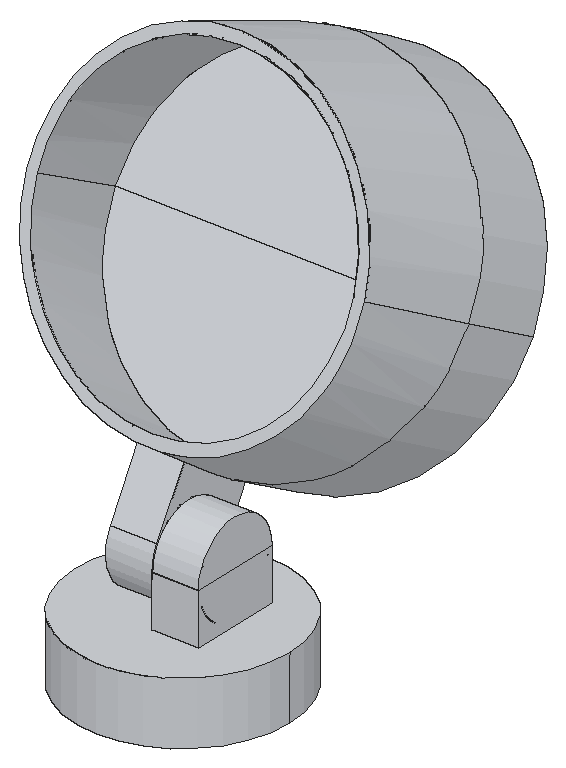
Revit family "Holly Flood Light_86W_3000K", category Lighting Fixtures, Revit 2022
Family settings
  Round Connector Dimension = Use Diameter
  Part Type = Normal
  Work Plane-Based = No
  Always vertical = Yes
  Cut with Voids When Loaded = No
  Light Source = No
  Maintain Annotation Orientation = No
  Shared = No
  Room Calculation Point = No
Parameters (values of type "Holly Flood _86w_3000K_15°")
  Width = 0' - 6 77/256"
  Wattage Comments = "86W"
  URL = "https://www.abovealllighting.com/product/LED-OUTDOOR-FIXTURES/LED-Flood-Light/HOLLYLEDFloodLight-Junctionbox.html"
  Tilt Angle [instance] = 30.00°
  Power Factor = "0.9"
  Model = "HOFL_C86301_15"
  Manufacturer = "Above All Lighting"
  Load Classification = Lighting
  Light Source = 86W-Tiltable : Holly Flood_86W_3000K_15°
  Lamp = "LED"
  Input Voltage = "120-277V"
  IP Rating = 65  # constant formula
  Height = 1' - 0 223/256"
  Delivered Lumen = "7300 lx"
  Default Elevation = 0' - 0"
  CRI = 80  # constant formula
  CCT = "3000K"
  Beam Angle = 15.00°
  Assembly Code = "HOLLY Flood Light - Canopy Cover"
Types (6): name | Model | Light Source | Delivered Lumen | Beam Angle
  (no name) | "HOFL_C86301_15" | 86W-Tiltable : Holly Flood_86W_3000K_15° | "7300 lx" | 15.00°
  Holly Flood _86w_3000K_5° | "HOFL_C86301_5" | 86W-Tiltable : Holly Flood_86W_3000K_5° | "4380 lx" | 5.00°
  Holly Flood _86w_3000K_15° | "HOFL_C86301_15" | 86W-Tiltable : Holly Flood_86W_3000K_15° | "7300 lx" | 15.00°
  Holly Flood _86w_3000K_24° | "HOFL_C86301_24" | 86W-Tiltable : Holly Flood_86W_3000K_24° | "7300 lx" | 24.00°
  Holly Flood _86w_3000K_36° | "HOFL_C86301_36" | 86W-Tiltable : Holly Flood_86W_3000K_36° | "7300 lx" | 36.00°
  Holly Flood _86w_3000K_50° | "HOFL_C86301_50" | 86W-Tiltable : Holly Flood_86W_3000K_50° | "7300 lx" | 50.00°
Reference planes (in)
  plane 1 "Center (Front/Back)": y = 0
  plane 2: z = 0
  plane 3 "Center (Left/Right)": x = 0
  plane 4: z = 1.5
  plane 5: z = 2.71875
  plane 6: y = 1.08888
  plane 7: y = -1.08888
  plane 8: x = 1.10583
Lines and regions (in)
  reference lines
    curve 1: line (0, 0, 2.71875) -> (0, 7, 14.84311)
    curve 2: line (0, 0, 2.71875) -> (0, 0, -5.79419)
    curve 3: line (0, 0, 2.71875) -> (0, -22.94967, 15.96875)
    curve 4: line (-1.10547, 1.81883, 0) -> (-1.10547, -5.18117, 0)
Dimensions and locks (in)
  locked: plane 6 to curve 2 at 1.08888
  locked: curve 3 to curve 1 (angle 90.00°)
  "Tilt Angle": angle plane 1 "Center (Front/Back)" to curve 1
  aligned and locked: plane 2 to level
  aligned and locked: plane 4 to nested 1
  aligned and locked: plane 5 to nested 1
  aligned and locked: nested 1 to plane 5
  aligned and locked: plane 6 to nested 1
  aligned and locked: nested 1 to plane 7
  aligned and locked: plane 8 to nested 1
  aligned and locked: nested 1 to plane 3 "Center (Left/Right)"
  aligned and locked: nested 2 to curve 3
Automatic sketch dimensions
  curve 4 to plane 3 "Center (Left/Right)" = 0' - 1 27/256"
  curve 4 to plane 7 = 0' - 4.09228"
  plane 6 to curve 4 = 0' - 0.72995"
  curve 2 to plane 5 = 0' - 0"
  curve 2 to level = 0' - 5.79419"
Nested families (in)
  nested 1: "5.11inch Base" at (0, -2.48643, -48.145) x (-1, 0, 0) z (0, 0, 1), type "5.11inch Base"
  nested 2: "86W-Tiltable" at (0, 0, 2.71875) x (0, 0.5, 0.866) z (-1, 0, 0), type <- "Light Source", type "Holly Flood_86W_3000K_15°"
    with built-in parameter 1001306 1.3542 (stored number, unit not read)
Definition of nested family "5.11inch Base"
  Parameters (values of type "5.11inch Base")
    Wattage Comments = "26W"
    URL = "https://www.abovealllighting.com/product/LED-OUTDOOR-FIXTURES/LED-Flood-Light/HOLLYLEDFloodLight-Junctionbox.html"
    Power Factor = "0.9"
    Model = "HOFL_C26301_5"
    Manufacturer = "Above All Lighting"
    Load Classification = none
    Lamp = "LED"
    Input Voltage = "120-277V"
    IP Rating = 65
    Height = 0' - 8.41"
    Dia = 0' - 5.11"
    Description = "HOLLY Flood Light - Canopy Cover"
    Depth = 0' - 4.53196"
    Default Elevation = 0' - 0"
    CRI = "80"
    Beam Angle = 5.00°
  Reference planes (in)
    plane 1 "Light Source Axis (F/B)": y = 0
    plane 2: z = 0
    plane 3 "Light Source Axis (L/R)": x = 0
    plane 4 "Light Source Elevation": z = 54
    plane 5: y = -2.48643
  Forms (in)
    Extrusion 1, solid, not visible
      sketch origin (0, -1.27112, 47.22122) x (1, 0, 0) y (0, 1, 0)
        loop
          circle (0, 0) r 1.77
      from 0 to 1.77878
    Extrusion 2, solid, not visible
      sketch origin (0, 0, 0) x (0, 1, 0) y (0, 0, 1)
        loop
          circle (-1.08888, 50.14601) r 1.08888
      from 0 to 1.10583
    Extrusion 3, solid, not visible
      sketch origin (0, 0, 0) x (0, 1, 0) y (0, 0, 1)
        loop
          line (-2.17777, 50.14601) -> (-2.17777, 49) -> (0, 49) -> (0, 50.14601) -> (-2.17777, 50.14601)
      from 0 to 1.10583
    Extrusion 4, solid, not visible
      sketch origin (0, 0, 0) x (1, 0, 0) y (0, 0, 1)
        loop
          circle (0, 54) r 2.555
      from 0 to 2.23741
    SweptBlend 5, solid, not visible
      path origin (0, 0, 0) x (0, 1, 0) y (0, 0, 1)
        loop
          line (-4.34341, 54) -> (-2.23741, 54)
      profile origin (0, -4.34341, 54) x (0, 0, 1) y (1, 0, 0)
        loop
          circle (0, 0) r 2.4
      end profile origin (0, -2.23741, 54) x (0, 0, 1) y (1, 0, 0)
        loop
          circle (0, 0) r 2.555
    Extrusion 6, void, not visible
      sketch origin (0, 0, 0) x (1, 0, 0) y (0, 0, 1)
        loop
          circle (0, 54) r 2.33333
      from 3.60454 to 4.34341
    Extrusion 7, solid, not visible
      sketch origin (-1.10583, -0.02922, 0.20481) x (0, 1, 0) y (0, 0, 1)
        loop
          circle (-1.08888, 50.14601) r 1.08888
      from 0 to 1.10583
    Extrusion 8, solid, not visible
      sketch origin (-1.10583, -0.02922, 1.35081) x (0, 1, 0) y (0, 0, 1)
        loop
          line (-2.17777, 50.3832) -> (-2.17777, 49) -> (0, 49) -> (0, 50.3832) -> (-2.17777, 50.3832)
      from 0 to 1.10583
    Extrusion 9, solid, not visible
      sketch origin (0, 0, 0) x (1, 0, 0) y (0, 0, 1)
        loop
          circle (0, 54) r 2
      from 0 to -0.18855
    Extrusion 10, solid
      sketch origin (0, -2.3042, 47.42602) x (-1, 0, 0) y (0, -1, 0)
        loop
          circle (0, 0) r 2.555
      from 0.71898 to 2.21898
    Extrusion 11, solid
      sketch origin (0, -3.57532, 0.71774) x (0, -1, 0) y (0, 0, 1)
        loop
          circle (-1.08888, 50.14601) r 1.08888
      from 0 to 1.10583
    Extrusion 12, solid
      sketch origin (0, -3.57532, 0.71774) x (0, -1, 0) y (0, 0, 1)
        loop
          line (-2.17777, 50.14601) -> (-2.17777, 48.92726) -> (0, 48.92726) -> (0, 50.14601) -> (-2.17777, 50.14601)
      from 0 to 1.10583
    Extrusion 13, solid, not visible
      sketch origin (0, -2.3042, 47.42602) x (-1, 0, 0) y (0, -1, 0)
        loop
          circle (0, 0) r 1.77
      from 0 to 1.77878
    Extrusion 14, solid, not visible
      sketch origin (0, -3.57532, 0.20481) x (0, -1, 0) y (0, 0, 1)
        loop
          circle (-1.08888, 50.14601) r 1.08888
      from 0 to 1.10583
    Extrusion 15, solid, not visible
      sketch origin (0, -3.57532, 0.20481) x (0, -1, 0) y (0, 0, 1)
        loop
          line (-2.17777, 50.14601) -> (-2.17777, 49) -> (0, 49) -> (0, 50.14601) -> (-2.17777, 50.14601)
      from 0 to 1.10583
    Extrusion 16, solid, not visible
      sketch origin (0, -3.60454, 0) x (-1, 0, 0) y (0, 0, 1)
        loop
          circle (0, 54) r 2.555
      from 0 to 2.23741
    SweptBlend 17, solid, not visible
      path origin (0, -3.60454, 0) x (0, -1, 0) y (0, 0, 1)
        loop
          line (-4.34341, 54) -> (-2.23741, 54)
      profile origin (0, 0.73887, 54) x (0, 0, 1) y (-1, 0, 0)
        loop
          circle (0, 0) r 2.4
      end profile origin (0, -1.36713, 54) x (0, 0, 1) y (-1, 0, 0)
        loop
          circle (0, 0) r 2.555
    Extrusion 18, void, not visible
      sketch origin (0, -3.60454, 0) x (-1, 0, 0) y (0, 0, 1)
        loop
          circle (0, 54) r 2.33333
      from 3.60454 to 4.34341
    Extrusion 19, solid, not visible
      sketch origin (1.10583, -3.57532, 0.20481) x (0, -1, 0) y (0, 0, 1)
        loop
          circle (-1.08888, 50.14601) r 1.08888
      from 0 to 1.10583
    Extrusion 20, solid, not visible
      sketch origin (1.10583, -3.57532, 1.35081) x (0, -1, 0) y (0, 0, 1)
        loop
          line (-2.17777, 50.3832) -> (-2.17777, 49) -> (0, 49) -> (0, 50.3832) -> (-2.17777, 50.3832)
      from 0 to 1.10583
    Extrusion 21, solid, not visible
      sketch origin (0, -3.60454, 0) x (-1, 0, 0) y (0, 0, 1)
        loop
          circle (0, 54) r 2
      from 0 to -0.18855
    Extrusion 22, solid, not visible
      sketch origin (0, -3.60454, 0) x (-1, 0, 0) y (0, 0, 1)
        loop
          circle (0, 54) r 2.555
      from 0 to 2.23741
    SweptBlend 23, solid, not visible
      path origin (0, -3.60454, 0) x (0, -1, 0) y (0, 0, 1)
        loop
          line (-4.34341, 54) -> (-2.23741, 54)
      profile origin (0, 0.73887, 54) x (0, 0, 1) y (-1, 0, 0)
        loop
          circle (0, 0) r 2.4
      end profile origin (0, -1.36713, 54) x (0, 0, 1) y (-1, 0, 0)
        loop
          circle (0, 0) r 2.555
    Extrusion 24, void, not visible
      sketch origin (0, -3.60454, 0) x (-1, 0, 0) y (0, 0, 1)
        loop
          circle (0, 54) r 2.33333
      from 3.60454 to 4.34341
    Extrusion 25, solid, not visible
      sketch origin (0, -2.3042, 47.42602) x (-1, 0, 0) y (0, -1, 0)
        loop
          circle (0, 0) r 1.77
      from 0.71898 to 1.77878
    Extrusion 26, solid, not visible
      sketch origin (0, -3.57532, 0.20481) x (0, -1, 0) y (0, 0, 1)
        loop
          circle (-1.08888, 50.14601) r 1.08888
      from 0 to 1.10583
    Extrusion 27, solid, not visible
      sketch origin (0, -3.57532, 0.20481) x (0, -1, 0) y (0, 0, 1)
        loop
          line (-2.17777, 50.14601) -> (-2.17777, 49) -> (0, 49) -> (0, 50.14601) -> (-2.17777, 50.14601)
      from 0 to 1.10583
    Extrusion 28, solid, not visible
      sketch origin (1.10583, -3.57532, 0.20481) x (0, -1, 0) y (0, 0, 1)
        loop
          circle (-1.08888, 50.14601) r 1.08888
      from 0 to 1.10583
    Extrusion 29, solid, not visible
      sketch origin (1.10583, -3.57532, 1.35081) x (0, -1, 0) y (0, 0, 1)
        loop
          line (-2.17777, 50.3832) -> (-2.17777, 49) -> (0, 49) -> (0, 50.3832) -> (-2.17777, 50.3832)
      from 0 to 1.10583
    Extrusion 30, solid, not visible
      sketch origin (0, -3.60454, 0) x (-1, 0, 0) y (0, 0, 1)
        loop
          circle (0, 54) r 2
      from 0 to -0.18855
  Lines and regions (in)
    reference lines
      curve 1: line (-2.555, 0, 54) -> (-2.555, 0, 60)
      curve 2: line (2.555, 0, 54) -> (2.555, 0, 60)
      curve 3: line (0, -3.60454, 56.555) -> (0, -11.10454, 56.555)
      curve 4: line (0, -4.0742, 48.145) -> (0, -11.10454, 48.145)
      curve 5: line (0, -3.79309, 56) -> (0, -3.79309, 65)
      curve 6: line (0, 0.73887, 56.4) -> (0, 0.73887, 65)
      curve 7: line (0, 0, 104.555) -> (0, 0, 21.555)
  Dimensions and locks (in)
    "Dia": curve 2 to curve 1
    "Height": curve 4 to curve 3
    "Depth": curve 6 to curve 5
    diameter of Extrusion 10 = 0' - 5.11"
    angle curve 7 to plane 4 "Light Source Elevation" = 90.00°
    aligned and locked: level to plane 2
  Automatic sketch dimensions
    Extrusion 12 sketch curve to Extrusion 12 sketch curve = 0' - 2.17777"
    Extrusion 12 sketch curve to Extrusion 12 sketch curve = 0' - 1 7/32"
    SweptBlend 23 sketch curve to profile plane = 0' - 0"  (x2)
    profile plane to SweptBlend 23 sketch curve = 0' - 0"  (x2)
    Extrusion 27 sketch curve to Extrusion 27 sketch curve = 0' - 2.17777"
    Extrusion 27 sketch curve to Extrusion 27 sketch curve = 0' - 1.14601"
    Extrusion 29 sketch curve to Extrusion 29 sketch curve = 0' - 2.17777"
    Extrusion 29 sketch curve to Extrusion 29 sketch curve = 0' - 1.3832"
    SweptBlend 23 sketch curve to SweptBlend 23 sketch curve = 0' - 2.106"
    Extrusion 10 sketch curve to plane 3 "Light Source Axis (L/R)" = 0' - 0"
    plane 5 to Extrusion 10 sketch curve = 0' - 0.18223"
    Extrusion 11 sketch curve to plane 5 = 0' - 0"
    plane 4 "Light Source Elevation" to Extrusion 11 sketch curve = 0' - 3.13625"
    plane 5 to Extrusion 12 sketch curve = 0' - 1.08888"
    plane 4 "Light Source Elevation" to Extrusion 12 sketch curve = 0' - 4.355"
    curve 1 to plane 4 "Light Source Elevation" = 0' - 0"
    curve 2 to plane 4 "Light Source Elevation" = 0' - 0"
    curve 1 to plane 3 "Light Source Axis (L/R)" = 0' - 2.555"
    curve 2 to curve 2 = 0' - 6"
    curve 1 to curve 2 = 0' - 0"
    curve 7 to plane 1 "Light Source Axis (F/B)" = 0' - 0"
    level to curve 7 = 1' - 9.555"
    curve 3 to plane 5 = 0' - 1.11811"
    curve 5 to plane 5 = 0' - 1.30666"
    curve 4 to plane 5 = 0' - 1.58777"
    curve 4 to curve 4 = 0' - 7.03034"
    curve 3 to plane 4 "Light Source Elevation" = 0' - 2.555"
    curve 3 to curve 5 = 0' - 7.31145"
    curve 5 to curve 3 = 0' - 0.555"
    curve 6 to plane 4 "Light Source Elevation" = 0' - 2.4"
    curve 3 to curve 5 = 0' - 8.445"
    curve 5 to curve 6 = 0' - 0"
    radius of Extrusion 10 sketch curve = 0' - 2.555"
    radius of Extrusion 11 sketch curve = 0' - 1.08888"
    radius of Extrusion 22 sketch curve = 0' - 2.555"
    radius of SweptBlend 23 sketch curve = 0' - 2.4"
    radius of SweptBlend 23 sketch curve = 0' - 2.555"
    radius of Extrusion 24 sketch curve = 0' - 2.33333"
    radius of Extrusion 25 sketch curve = 0' - 1.77"
    radius of Extrusion 26 sketch curve = 0' - 1.08888"
    radius of Extrusion 28 sketch curve = 0' - 1.08888"
    radius of Extrusion 30 sketch curve = 0' - 2"
Definition of nested family "86W-Tiltable"
  Parameters (values of type "Holly Flood_86W_3000K_50°")
    Wattage = 1 W
    built-in parameter 1150110 = 1 (stored number, unit not read)
    built-in parameter 1114217 = 1 (stored number, unit not read)
    Tilt Angle = 60.00°
    built-in parameter 1150109 = 1 (stored number, unit not read)
    built-in parameter 1150134 = (empty or 0)
    built-in parameter 1150113 = 1 (stored number, unit not read)
    Photometric Web File = "HOFL_C86301_50.IES"
    built-in parameter 1150105 = 580.92 (stored number, unit not read)
    Lumens = 7300 lm
    built-in parameter 1150115 = 1 (stored number, unit not read)
    built-in parameter 1150137 = (empty or 0)
    built-in parameter 1150139 = (empty or 0)
    built-in parameter 1001306 [instance] = 4' - 0"
    built-in parameter 1150112 = 1 (stored number, unit not read)
    built-in parameter 1150114 = 1 (stored number, unit not read)
    built-in parameter 1150132 = 2
    built-in parameter 1150102 = (empty or 0)
    built-in parameter 1150107 = 3000 (stored number, unit not read)
    built-in parameter 1150138 = (empty or 0)
    built-in parameter 1150106 = 5.8092 (stored number, unit not read)
    built-in parameter 1150104 = 678.19 (stored number, unit not read)
    Dimming Lamp Color Temperature Shift = (empty or 0)
    Default Elevation = 0' - 0"
    Color Filter = 16777215
    built-in parameter 1114218 = 1 (stored number, unit not read)
    built-in parameter 1150133 = 10 (stored number, unit not read)
  Types (6): name | Wattage | Photometric Web File | built-in parameter 1150105 | Lumens | built-in parameter 1150106
    (no name) | 1 W | "HOFL_C86301_50.IES" | 580.92 (stored number, unit not read) | 7300 lm | 5.8092 (stored number, unit not read)
    Holly Flood_86W_3000K_50° | 1 W | "HOFL_C86301_50.IES" | 580.92 (stored number, unit not read) | 7300 lm | 5.8092 (stored number, unit not read)
    Holly Flood_86W_3000K_36° | 1 W | "HOFL_C86301_36.IES" | 580.92 (stored number, unit not read) | 7300 lm | 5.8092 (stored number, unit not read)
    Holly Flood_86W_3000K_24° | 1 W | "HOFL_C86301_24.IES" | 580.92 (stored number, unit not read) | 7300 lm | 5.8092 (stored number, unit not read)
    Holly Flood_86W_3000K_15° | 1 W | "HOFL_C86301_15.IES" | 580.92 (stored number, unit not read) | 7300 lm | 5.8092 (stored number, unit not read)
    Holly Flood_86W_3000K_5° | 0.6 W | "HOFL_C86301_5.IES" | 190847.5 (stored number, unit not read) | 4380 lm | 1908.5 (stored number, unit not read)
  Reference planes (in)
    plane 1 "Center (Front/Back)": y = 0
    plane 2: z = 0
    plane 3 "Left": x = 0
    plane 4 "Right": x = 48
    plane 5: x = 4.33
  Forms (in)
    Revolve 1, solid
      sketch origin (5.82625, -19.8125, 0) x (0, -1, 0) y (0, 0, -1)
        loop
          line (-22, 4.33) -> (-22, 3.83) -> (-22.3125, 3.83) -> (-22.3125, 0) -> (-19.8125, 0) -> (-19.8125, 4.07948) -> (-16, 3.69091) -> (-16, 3.94143) -> (-19.8125, 4.33) -> (-22, 4.33)
        axis (-16, 0) -> (-22.3125, 0)
      angle from 0 to 360
    Extrusion 2, void
      sketch origin (5.82625, 0, 0) x (1, 0, 0) y (0, 1, 0)
        loop
          line (3.94143, -3.8125) -> (-4.18323, -2.3799) -> (-4.18323, -3.8125) -> (3.94143, -3.8125)
      from -7.02621 to 12
    Extrusion 3, solid
      sketch origin (5.82625, 0, 0) x (1, 0, 0) y (0, 1, 0)
        loop
          circle (-5.82625, 0) r 1.08984
      from 0 to 1.10547
    Extrusion 4, solid
      sketch origin (5.82625, 0, 0) x (1, 0, 0) y (0, 1, 0)
        loop
          line (-5.82625, 1.08984) -> (-5.82625, -1.08984) -> (-4.07625, -1.08984) -> (-4.07625, 1.08984) -> (-5.82625, 1.08984)
      from 0 to 1.10547
  Cuts and joins
    Extrusion 2 cuts Revolve 1
  Lines and regions (in)
    reference lines
      curve 1: line (0, 0, 0) -> (48, 0, 0)
  Dimensions and locks (in)
    "built-in parameter 1001306": plane 3 "Left" to plane 4 "Right"
    aligned and locked: plane 4 "Right" to curve 1
    aligned and locked: plane 1 "Center (Front/Back)" to curve 1
    aligned and locked: plane 3 "Left" to curve 1
    aligned and locked: level to plane 2
  Automatic sketch dimensions
    Revolve 1 sketch curve to level = 0' - 0"  (x2)
    Revolve 1 sketch curve to plane 1 "Center (Front/Back)" = 0' - 2 1/2"
    Revolve 1 sketch curve to Revolve 1 sketch curve = 0' - 0 5/16"
    plane 1 "Center (Front/Back)" to Revolve 1 sketch curve = 0' - 0"  (x2)
    plane 1 "Center (Front/Back)" to Revolve 1 sketch curve = 0' - 3 13/16"
    Revolve 1 sketch curve to level = 0' - 3.69091"
    Revolve 1 sketch curve to level = 0' - 3.83"
    Revolve 1 sketch curve to Revolve 1 sketch curve = 0' - 0.25052"  (x2)
    Revolve 1 sketch curve to Revolve 1 sketch curve = 0' - 0 1/2"
    Revolve 1 sketch curve to Revolve 1 sketch curve = 6' - 6.27574"
    Revolve 1 sketch curve to Revolve 1 sketch curve = 8' - 2.57514"
    plane 3 "Left" to Extrusion 2 sketch curve = 0' - 1.64302"
    plane 1 "Center (Front/Back)" to Extrusion 2 sketch curve = 0' - 2.3799"
    plane 3 "Left" to Extrusion 2 sketch curve = 0' - 9.76768"
    Extrusion 2 sketch curve to Extrusion 2 sketch curve = 0' - 1.4326"
    plane 1 "Center (Front/Back)" to Extrusion 3 sketch curve = 0' - 0"
    Extrusion 3 sketch curve to plane 3 "Left" = 0' - 0"
    plane 1 "Center (Front/Back)" to Extrusion 4 sketch curve = 0' - 1 23/256"
    Extrusion 4 sketch curve to plane 3 "Left" = 0' - 0"
    Extrusion 4 sketch curve to Extrusion 4 sketch curve = 0' - 1 3/4"
    Extrusion 4 sketch curve to plane 1 "Center (Front/Back)" = 0' - 1 23/256"
    radius of Extrusion 3 sketch curve = 0' - 1 23/256"
